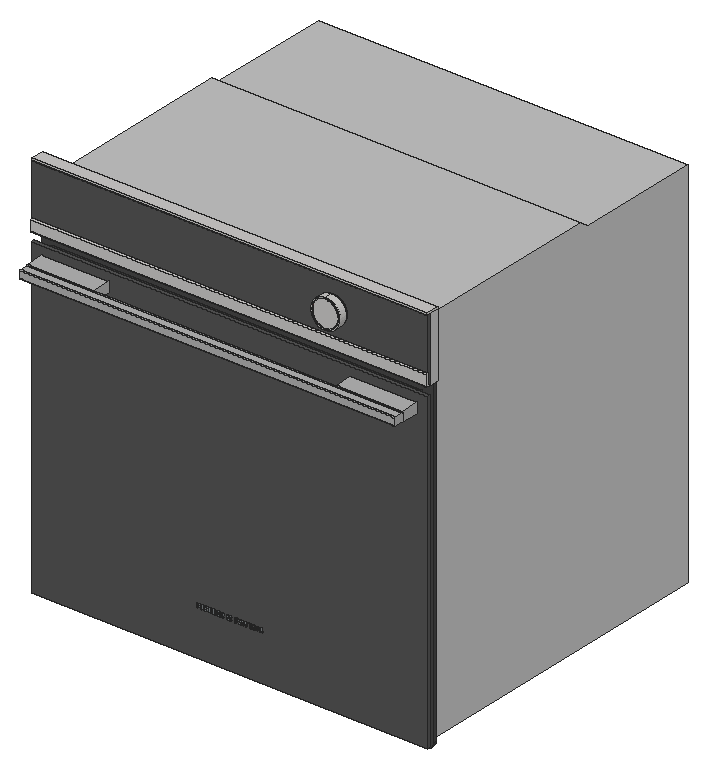
Revit family "FP-Revit18-OB60SDPTDX2-Oven-0-AU-CN-EU-IE-NZ-UK-90002669A", category Specialty Equipment, Revit 2018
Family settings
  Round Connector Dimension = Use Diameter
  Part Type = Normal
  OmniClass Number = 23.40.40.14.17.11
  OmniClass Title = Cookers, Ovens, Stoves
  Work Plane-Based = No
  Always vertical = Yes
  Cut with Voids When Loaded = Yes
  Shared = No
  Room Calculation Point = No
Parameters (values of type "OB60SDPTDX2")
  Visibility - Clearance Required = yes
  URL = "www.fisherpaykel.com"
  Product - Width = 596 mm  # constant formula
  Product - Height = 598 mm  # constant formula
  Product - Depth = 565 mm  # constant formula
  Model = "OB60SDPTDX2"
  Material - Trim = Fisher & Paykel - Stainless Steel
  Material - Structure = Fisher & Paykel - Black
  Material - Logo = Fisher & Paykel - Graphics Grey
  Material - Handle = Fisher & Paykel - Aluminium
  Material - Glass = Fisher & Paykel - Glass, Black
  Material - Buttons and Dials = Fisher & Paykel - Stainless Steel
  Material - Body = Fisher & Paykel - Grey
  Material - Bezel = Fisher & Paykel - Bezel Red
  Manufacturer = "Fisher & Paykel Appliances"
  FFL Offset [instance] = 200 mm
  Description = "60cm Built-In Oven"
  Connector Note - Electrical = "220-240 V, 12.8 - 13.8\r A, 50 Hz"
  Chassis - Width = 556 mm  # constant formula
  Chassis - Height = 575 mm  # constant formula
  Chassis - Depth = 545 mm  # constant formula
  Cavity - Width = 560 mm  # constant formula
  Cavity - Height = 580 mm  # constant formula
  Cavity - Depth = 550 mm  # constant formula
Reference planes
  plane 1 "Datum": y = 0
  plane 2: z = 0
  plane 3 "Center (Left/Right)": x = 0
  plane 4 "Cavity": z = 780
  plane 5 "Product Height": z = 798
  plane 6 "Product LHS": x = -298
  plane 7 "Product RHS": x = 298
  plane 8 "Cavity LHS": x = -300
  plane 9 "Cavity RHS": x = 300
  plane 10 "Cavity - Depth": y = 550
  plane 11 "Product Depth": y = 545
  plane 12 "Front Face": y = -20
  plane 13 "FFL Offset": z = 200
  plane 14 "Cavity Height": z = 800
Forms (mm)
  Extrusion 1, solid, material "Fisher & Paykel - Grey" <- "Material - Body"
    sketch origin (0, 0, 0) x (0, 1, 0) y (0, 0, 1)
      loop
        line (0, 200) -> (525, 200) -> (525, 393.99) -> (545, 413.99) -> (545, 609.73) -> (495, 659.73) -> (495, 764.6) -> (307.721, 764.6) -> (293.958, 775) -> (0, 775) -> (0, 200)
    from -278 to 278
  Extrusion 2, void
    sketch origin (0, 0, 0) x (1, 0, 0) y (0, 1, 0)
      loop
        line (-278, 495) -> (-229.13, 495) -> (-179.13, 545) -> (-278, 545) -> (-278, 495)
      loop
        line (278, 495) -> (278, 545) -> (94.617, 545) -> (114.617, 525) -> (199.13, 525) -> (229.13, 495) -> (278, 495)
    from 200 to 764.6
  Extrusion 3, solid, material "Fisher & Paykel - Stainless Steel" <- "Material - Trim"
    sketch origin (0, 0, 0) x (0, 1, 0) y (0, 0, 1)
      loop
        line (0, 798) -> (-20.5, 798) -> (-20.5, 795.1) -> (0, 795.1) -> (0, 798)
    from -297.7 to 297.7
  Extrusion 4, solid, material "Fisher & Paykel - Grey" <- "Material - Body"
    sketch origin (0, 0, 0) x (0, 1, 0) y (0, 0, 1)
      loop
        line (-16, 795.1) -> (-16, 698) -> (0, 698) -> (0, 795.1) -> (-16, 795.1)
    from -297.7 to 297.7
  Extrusion 5, solid, material "Fisher & Paykel - Glass, Black" <- "Material - Glass"
    sketch origin (0, 0, 0) x (1, 0, 0) y (0, 0, 1)
      loop
        line (-298, 685.199) -> (-298, 210.2) -> (298, 210.2) -> (298, 685.199) -> (-298, 685.199)
      loop
        line (-298, 699.5) -> (298, 699.5) -> (298, 794.5) -> (-298, 794.5) -> (-298, 699.5)
    from 16 to 20
  Extrusion 6, solid, material "Fisher & Paykel - Black" <- "Material - Structure"
    sketch origin (0, 0, 0) x (0, 1, 0) y (0, 0, 1)
      loop
        line (-13.8, 683.7) -> (-16, 683.7) -> (-16, 224.7) -> (-5, 224.7) -> (-5, 680.497) -> (-13.8, 683.7)
    from -277 to 277
  Extrusion 7, solid, material "Fisher & Paykel - Black" <- "Material - Structure"
    sketch origin (0, 0, 0) x (1, 0, 0) y (0, 0, 1)
      loop
        line (-295, 698) -> (-295, 209.536)
        arc (-295, 209.536) -> (-292.207, 202.793) -> (-285.464, 200) r 9.536
        line (-285.464, 200) -> (285.5, 200)
        arc (285.5, 200) -> (292.218, 202.782) -> (295, 209.5) r 9.5
        line (295, 209.5) -> (295, 698) -> (-295, 698)
    from 0 to 5
  Extrusion 8, solid, material "Fisher & Paykel - Clearance Required", visible <- "Visibility - Clearance Required", detail levels coarse
    sketch origin (0, 0, 0) x (0, 1, 0) y (0, 0, 1)
      loop
        line (0, 800) -> (-20, 800) -> (-20, 685.452)
        arc (-20, 685.452) -> (-338.426, 558.091) -> (-479.879, 245.669) r 459.33
        line (-479.879, 245.669) -> (-453.852, 243.749) -> (-456.942, 201.858) -> (-440.966, 200.68) -> (-437.876, 242.565) -> (-20, 211.735) -> (-20, 200) -> (0, 200) -> (0, 800)
    from -300 to 300
  Extrusion 9, solid, material "Fisher & Paykel - Clearance Required", visible <- "Visibility - Clearance Required", detail levels coarse
    sketch origin (0, 0, 0) x (1, 0, 0) y (0, 1, 0)
      loop
        line (-280, 0) -> (280, 0) -> (280, 550) -> (-280, 550) -> (-280, 0)
    from 200 to 780
  Extrusion 10, void
    sketch origin (0, 0, 0) x (1, 0, 0) y (0, 1, 0)
      loop
        line (-300, -20) -> (300, -20) -> (300, 0) -> (-300, 0) -> (-300, -20)
    from 200 to 800
  Extrusion 11, solid, material "Fisher & Paykel - Stainless Steel" <- "Material - Trim", detail levels fine
    sketch origin (0, 0, 0) x (0, 1, 0) y (0, 0, 1)
      loop
        line (-21.7, 715.595) -> (-21.7, 699.2)
        arc (-21.7, 699.2) -> (-21.349, 698.351) -> (-20.5, 698) r 1.2
        line (-20.5, 698) -> (-17.526, 698) -> (-17.526, 699.5) -> (-20, 699.5) -> (-20, 717.643) -> (-20.789, 717.643) -> (-21.7, 715.595)
    from -298 to 298
  Extrusion 12, void
    sketch origin (0, 0, 0) x (1, 0, 0) y (0, 1, 0)
      loop
        line (-280, 550) -> (-280, 0) -> (280, 0) -> (280, 550) -> (-280, 550)
    from 200 to 780
  Extrusion 13, solid, material "Fisher & Paykel - Aluminium" <- "Material - Handle", detail levels fine
    sketch origin (0, -21, 664.221) x (0, 1, 0) y (0, 0, 1)
      loop
        arc (-26.813, 6.16) -> (-27.196, 6.554) -> (-27.728, 6.686) r 1
        line (-27.728, 6.686) -> (-40.035, 6.256)
        arc (-40.035, 6.256) -> (-40.719, 5.951) -> (-41, 5.257) r 1
        line (-41, 5.257) -> (-41, -5.257)
        arc (-41, -5.257) -> (-40.719, -5.951) -> (-40.035, -6.256) r 1
        line (-40.035, -6.256) -> (-27.709, -6.686)
        arc (-27.709, -6.686) -> (-27.175, -6.554) -> (-26.792, -6.158) r 1
        arc (-26.792, -6.158) -> (-25.256, 0.004) -> (-26.813, 6.16) r 13.038
    from -282.5 to 282.5
  Extrusion 14, solid, material "Fisher & Paykel - Aluminium" <- "Material - Handle", detail levels fine
    sketch origin (0, -21, 664.221) x (0, 1, 0) y (0, 0, 1)
      loop
        arc (-26.626, -6.008) -> (-26.614, -6.49) -> (-26.2, -6.737) r 0.5
        line (-26.2, -6.737) -> (1, -7.732) -> (1, 7.741) -> (-26.174, 6.747)
        arc (-26.174, 6.747) -> (-26.587, 6.5) -> (-26.6, 6.019) r 0.5
        arc (-26.6, 6.019) -> (-25.156, 0.002) -> (-26.626, -6.008) r 13.136
    from 182.5 to 282.5
  Extrusion 15, solid, material "Fisher & Paykel - Aluminium" <- "Material - Handle", detail levels coarse+medium
    sketch origin (0, -21, 664.221) x (1, 0, 0) y (0, 1, 0)
      loop
        line (-282.5, -41) -> (282.5, -41) -> (282.5, 1) -> (182.5, 1) -> (182.5, -26.156) -> (-182.5, -26.156) -> (-182.5, 1) -> (-282.5, 1) -> (-282.5, -41)
    from -8.022 to 7.978
  Extrusion 16, solid, material "Fisher & Paykel - Aluminium" <- "Material - Handle", detail levels fine
    sketch origin (0, -21, 664.221) x (0, 1, 0) y (0, 0, 1)
      loop
        arc (-26.626, -6.008) -> (-26.614, -6.49) -> (-26.2, -6.737) r 0.5
        line (-26.2, -6.737) -> (1, -7.732) -> (1, 7.741) -> (-26.174, 6.747)
        arc (-26.174, 6.747) -> (-26.587, 6.5) -> (-26.6, 6.019) r 0.5
        arc (-26.6, 6.019) -> (-25.156, 0.002) -> (-26.626, -6.008) r 13.136
    from -282.5 to -182.5
  Extrusion 17, solid, material "Fisher & Paykel - Aluminium" <- "Material - Handle", not visible, detail levels fine
    sketch origin (0, -22, 652) x (0, 1, 0) y (0, 0, 1)
      loop
        arc (-26.813, 6.16) -> (-27.196, 6.554) -> (-27.728, 6.686) r 1
        line (-27.728, 6.686) -> (-40.035, 6.256)
        arc (-40.035, 6.256) -> (-40.719, 5.951) -> (-41, 5.257) r 1
        line (-41, 5.257) -> (-41, -5.257)
        arc (-41, -5.257) -> (-40.719, -5.951) -> (-40.035, -6.256) r 1
        line (-40.035, -6.256) -> (-27.709, -6.686)
        arc (-27.709, -6.686) -> (-27.175, -6.554) -> (-26.792, -6.158) r 1
        arc (-26.792, -6.158) -> (-25.256, 0.004) -> (-26.813, 6.16) r 13.038
    from -282.5 to 282.5
  Extrusion 18, solid, material "Fisher & Paykel - Aluminium" <- "Material - Handle", not visible, detail levels fine
    sketch origin (0, -22, 652) x (0, 1, 0) y (0, 0, 1)
      loop
        arc (-26.626, -6.008) -> (-26.614, -6.49) -> (-26.2, -6.737) r 0.5
        line (-26.2, -6.737) -> (1, -7.732) -> (1, 7.741) -> (-26.174, 6.747)
        arc (-26.174, 6.747) -> (-26.587, 6.5) -> (-26.6, 6.019) r 0.5
        arc (-26.6, 6.019) -> (-25.156, 0.002) -> (-26.626, -6.008) r 13.136
    from 182.5 to 282.5
  Extrusion 19, solid, material "Fisher & Paykel - Aluminium" <- "Material - Handle", not visible, detail levels coarse+medium
    sketch origin (0, -22, 652) x (1, 0, 0) y (0, 1, 0)
      loop
        line (-282.5, -41) -> (282.5, -41) -> (282.5, 1) -> (182.5, 1) -> (182.5, -26.156) -> (-182.5, -26.156) -> (-182.5, 1) -> (-282.5, 1) -> (-282.5, -41)
    from -8.022 to 7.978
  Extrusion 20, solid, material "Fisher & Paykel - Aluminium" <- "Material - Handle", not visible, detail levels fine
    sketch origin (0, -22, 652) x (0, 1, 0) y (0, 0, 1)
      loop
        arc (-26.626, -6.008) -> (-26.614, -6.49) -> (-26.2, -6.737) r 0.5
        line (-26.2, -6.737) -> (1, -7.732) -> (1, 7.741) -> (-26.174, 6.747)
        arc (-26.174, 6.747) -> (-26.587, 6.5) -> (-26.6, 6.019) r 0.5
        arc (-26.6, 6.019) -> (-25.156, 0.002) -> (-26.626, -6.008) r 13.136
    from -282.5 to -182.5
  Extrusion 21, solid, material "Fisher & Paykel - Graphics Grey" <- "Material - Logo", detail levels fine
    sketch origin (0, -20, 278.956) x (1, 0, 0) y (0, 0, 1)
      loop
        line (-49.544, 0) -> (-47.97, 0) -> (-47.97, 2.138) -> (-45.511, 2.138) -> (-45.511, 3.472) -> (-47.97, 3.472) -> (-47.97, 4.712) -> (-45.295, 4.712) -> (-45.295, 6.04) -> (-49.544, 6.04) -> (-49.544, 0)
      loop
        line (-42.304, 6.04) -> (-42.304, 0) -> (-40.73, 0) -> (-40.73, 6.04) -> (-42.304, 6.04)
      loop
        line (-30.224, 6.04) -> (-30.224, 0) -> (-28.651, 0) -> (-28.651, 2.42) -> (-26.339, 2.42) -> (-26.339, 0) -> (-24.765, 0) -> (-24.765, 6.04) -> (-26.339, 6.04) -> (-26.339, 3.748) -> (-28.651, 3.748) -> (-28.651, 6.04) -> (-30.224, 6.04)
      loop
        line (-21.406, 6.04) -> (-21.406, 0) -> (-17.102, 0) -> (-17.102, 1.328) -> (-19.847, 1.328) -> (-19.847, 2.42) -> (-17.338, 2.42) -> (-17.338, 3.748) -> (-19.847, 3.748) -> (-19.847, 4.712) -> (-17.102, 4.712) -> (-17.102, 6.04) -> (-21.406, 6.04)
      loop
        line (46.167, 6.04) -> (46.167, 0) -> (50.456, 0) -> (50.456, 1.328) -> (47.741, 1.328) -> (47.741, 6.04) -> (46.167, 6.04)
      loop
        line (42.931, 6.04) -> (38.612, 6.04) -> (38.612, 0) -> (42.931, 0) -> (42.931, 1.328) -> (40.187, 1.328) -> (40.187, 2.42) -> (42.695, 2.42) -> (42.695, 3.748) -> (40.187, 3.748) -> (40.187, 4.712) -> (42.931, 4.712) -> (42.931, 6.04)
      loop
        line (33.951, 3.148) -> (36.183, 6.04) -> (34.344, 6.04) -> (32.415, 3.542) -> (32.415, 6.04) -> (30.842, 6.04) -> (30.842, 0) -> (32.415, 0) -> (32.415, 2.705) -> (34.403, 0) -> (36.263, 0) -> (33.951, 3.148)
      loop
        line (22.48, 6.04) -> (24.762, 2.42) -> (24.762, 0) -> (26.337, 0) -> (26.337, 2.341) -> (28.619, 6.04) -> (26.946, 6.04) -> (25.599, 3.707) -> (24.253, 6.04) -> (22.48, 6.04)
      loop
        line (18.979, 6.04) -> (17.483, 6.04) -> (15.024, 0) -> (16.569, 0) -> (17.001, 1.112) -> (19.421, 1.112) -> (19.854, 0) -> (21.438, 0) -> (18.979, 6.04)
      loop
        line (18.9, 2.439) -> (18.193, 4.174) -> (17.518, 2.439) -> (18.9, 2.439)
      loop
        line (8.531, 6.04) -> (8.531, 0) -> (10.105, 0) -> (10.105, 1.938) -> (11.099, 1.938)
        arc (11.099, 1.938) -> (13.15, 3.989) -> (11.099, 6.04) r 2.051
        line (11.099, 6.04) -> (8.531, 6.04)
      loop
        line (10.105, 4.712) -> (10.105, 3.197) -> (11.001, 3.197)
        arc (11.001, 3.197) -> (11.759, 3.954) -> (11.001, 4.712) r 0.757
        line (11.001, 4.712) -> (10.105, 4.712)
      loop
        line (-11.283, 6.04) -> (-13.866, 6.04) -> (-13.866, 0) -> (-12.292, 0) -> (-12.292, 1.336) -> (-11.492, 1.336) -> (-10.472, 0) -> (-8.653, 0) -> (-10.194, 1.973)
        arc (-10.194, 1.973) -> (-9.178, 4.424) -> (-11.283, 6.04) r 2.179
      loop
        line (-11.397, 4.712) -> (-12.292, 4.712) -> (-12.292, 3.053) -> (-11.397, 3.053)
        arc (-11.397, 3.053) -> (-10.568, 3.882) -> (-11.397, 4.712) r 0.83
      loop
        line (0.977, 4.712) -> (0.977, 6.153) -> (-3.075, 6.153) -> (-3.075, 4.851) -> (-2.474, 4.112)
        arc (-2.474, 4.112) -> (-3.01, 0.684) -> (0.455, 0.512) r 2.334
        line (0.455, 0.512) -> (0.96, -0.109) -> (2.746, -0.109) -> (1.36, 1.594) -> (2.561, 3.324) -> (0.943, 3.324) -> (0.487, 2.667) -> (-1.177, 4.712) -> (0.977, 4.712)
      loop
        arc (-1.625, 3.068) -> (-1.769, 1.668) -> (-0.368, 1.524) r 0.996
        line (-0.368, 1.524) -> (-1.625, 3.068)
      loop
        line (-34.68, 3.634) -> (-36.016, 3.91)
        arc (-36.016, 3.91) -> (-36.549, 4.443) -> (-36.016, 4.976) r 0.533
        arc (-36.016, 4.976) -> (-34.735, 4.79) -> (-33.559, 4.248) r 4.505
        line (-33.559, 4.248) -> (-33.559, 5.743)
        arc (-33.559, 5.743) -> (-35.049, 6.179) -> (-36.6, 6.109) r 4.726
        arc (-36.6, 6.109) -> (-38.036, 4.335) -> (-36.6, 2.561) r 1.814
        line (-36.6, 2.561) -> (-35.254, 2.282)
        arc (-35.254, 2.282) -> (-34.721, 1.749) -> (-35.254, 1.216) r 0.533
        arc (-35.254, 1.216) -> (-36.535, 1.402) -> (-37.711, 1.945) r 4.505
        line (-37.711, 1.945) -> (-37.711, 0.449)
        arc (-37.711, 0.449) -> (-36.22, 0.013) -> (-34.669, 0.083) r 4.726
        arc (-34.669, 0.083) -> (-33.234, 1.863) -> (-34.68, 3.634) r 1.814
    from 0 to 0.8
  Revolve 22, solid, material "Fisher & Paykel - Stainless Steel" <- "Material - Buttons and Dials", detail levels fine
    sketch origin (154.861, -20, 752.537) x (0, 1, 0) y (0, 0, 1)
      loop
        line (0, 22) -> (-0.843, 22) -> (-0.843, 16.038) -> (-2.39, 16.038) -> (-2.39, 22) -> (-13.7, 22) -> (-13.7, 21.2) -> (-13.191, 20) -> (-8.9, 20) -> (-8.9, 0) -> (0, 0) -> (0, 22)
      axis (0, 0) -> (-13.7, 0)
    angle from 0 to 360
  Extrusion 23, solid, material "Fisher & Paykel - Stainless Steel" <- "Material - Buttons and Dials", detail levels fine
    sketch origin (154.861, -20, 752.537) x (1, 0, 0) y (0, 0, 1)
      loop
        circle (0, 0) r 19.45
    from 8.9 to 13.191
  Extrusion 24, solid, material "Fisher & Paykel - Stainless Steel" <- "Material - Buttons and Dials", detail levels coarse+medium
    sketch origin (154.861, -20, 752.537) x (1, 0, 0) y (0, 0, 1)
      loop
        circle (0, 0) r 22
    from 0 to 13.7
  Extrusion 25, solid, material "Fisher & Paykel - Bezel Red" <- "Material - Bezel", detail levels fine
    sketch origin (154.861, -20, 752.537) x (1, 0, 0) y (0, 0, 1)
      loop
        circle (0, 0) r 19.45
      loop
        circle (0, 0) r 20
    from 2.39 to 13.191
  Sweep 26, solid, material "Fisher & Paykel - Grey" <- "Material - Body"
    path origin (-195.035, 0, 0) x (0, 1, 0) y (0, 0, 1)
      loop
        line (478.272, 708.8) -> (498.6, 708.8)
        arc (498.6, 708.8) -> (507.085, 705.285) -> (510.6, 696.8) r 12
        line (510.6, 696.8) -> (510.6, 678.8)
    profile origin (-195.035, 488.436, 708.8) x (0, 0, 1) y (1, 0, 0)
      loop
        circle (0, 0) r 11
Cuts and joins
  Extrusion 2 cuts Extrusion 1
Lines and regions (mm)
  model lines, style "Fisher & Paykel"
    curve 1: line (217, -20, 334) -> (-217, -20, 334)
    curve 2: line (217, -20, 617.236) -> (217, -20, 334)
    curve 3: line (-217, -20, 617.236) -> (217, -20, 617.236)
    curve 4: line (-217, -20, 334) -> (-217, -20, 617.236)
Text (mm)
  text "Due to ongoing product development, product details are subject to change without notice. \nPlease always refer to www.fisherpaykel.com for the most current product information. \n© Fisher & Paykel 2020" at (40.64, -604.808, 0), in view "Ref. Level (Plan)"
Dimensions and locks
  equal spacing: plane 6 "Product LHS", plane 3 "Center (Left/Right)", plane 7 "Product RHS"
  "Product - Width": plane 6 "Product LHS" to plane 7 "Product RHS"
  equal spacing: plane 8 "Cavity LHS", plane 3 "Center (Left/Right)", plane 9 "Cavity RHS"
  "Cavity - Depth": plane 10 "Cavity - Depth" to plane 1 "Datum"
  "Chassis - Depth": plane 11 "Product Depth" to plane 1 "Datum"
  plane 12 "Front Face" to plane 1 "Datum" = 20 mm
  "Product - Depth": plane 11 "Product Depth" to plane 12 "Front Face"
  "FFL Offset": plane 13 "FFL Offset" to level
  "Product - Height": plane 5 "Product Height" to plane 13 "FFL Offset"
  "Cavity - Height": plane 4 "Cavity" to plane 13 "FFL Offset"
  Extrusion 5 to plane 13 "FFL Offset" = 10.2 mm
  Extrusion 6 to plane 13 "FFL Offset" = 24.7 mm
  locked: plane 5 "Product Height" to cut or joined group of Extrusion 1, Extrusion 2 at 33.4
  locked: plane 14 "Cavity Height" to plane 13 "FFL Offset" at 600
  locked: Extrusion 21 to plane 13 "FFL Offset" at 78.847
  equal spacing: Extrusion 9, plane 3 "Center (Left/Right)", Extrusion 9
  "Cavity - Width": Extrusion 9 to Extrusion 9
  locked: Extrusion 15 to plane 13 "FFL Offset" at 472.199
  locked: Extrusion 8 sketch curve to plane 13 "FFL Offset" at 11.735
  equal spacing: cut or joined group of Extrusion 1, Extrusion 2, plane 3 "Center (Left/Right)", cut or joined group of Extrusion 1, Extrusion 2
  "Chassis - Width": cut or joined group of Extrusion 1, Extrusion 2 to cut or joined group of Extrusion 1, Extrusion 2
  aligned and locked: level to plane 2
  aligned and locked: plane 8 "Cavity LHS" to Extrusion 8
  aligned and locked: Extrusion 8 to plane 9 "Cavity RHS"
  aligned and locked: Extrusion 1 sketch curve to plane 13 "FFL Offset"
  aligned and locked: Extrusion 1 to Extrusion 2
  aligned and locked: Extrusion 2 to Extrusion 1
  aligned and locked: plane 13 "FFL Offset" to Extrusion 8 sketch curve
  aligned and locked: plane 13 "FFL Offset" to Extrusion 7 sketch curve
  aligned and locked: Extrusion 12 to cut or joined group of Extrusion 1, Extrusion 2
  aligned and locked: plane 4 "Cavity" to Extrusion 12
  aligned and locked: plane 4 "Cavity" to Extrusion 9
  aligned and locked: Extrusion 9 to cut or joined group of Extrusion 1, Extrusion 2
  aligned and locked: Extrusion 10 to cut or joined group of Extrusion 1, Extrusion 2
  aligned and locked: Extrusion 10 to Extrusion 7
  aligned and locked: Extrusion 10 to Extrusion 8
  aligned and locked: plane 14 "Cavity Height" to Extrusion 10
  aligned and locked: Extrusion 12 to Extrusion 9  (x2)
Automatic sketch dimensions
  Extrusion 13 sketch curve to Extrusion 13 sketch curve = 0.965 mm  (x2)
  Extrusion 13 sketch curve to Extrusion 13 sketch curve = 0.035 mm  (x4)
  Extrusion 13 sketch curve to Extrusion 13 sketch curve = 1.706 mm
  Extrusion 13 sketch curve to Extrusion 13 sketch curve = 12.307 mm
  Extrusion 13 sketch curve to Extrusion 13 sketch curve = 12.326 mm
  Extrusion 13 sketch curve to Extrusion 13 sketch curve = 0.999 mm  (x2)
  Extrusion 13 sketch curve to Extrusion 13 sketch curve = 5.238 mm
  Extrusion 13 sketch curve to Extrusion 13 sketch curve = 0 mm
  Extrusion 14 sketch curve to Extrusion 14 sketch curve = 12.091 mm
  Extrusion 14 sketch curve to Extrusion 14 sketch curve = 0.018 mm  (x2)
  Extrusion 14 sketch curve to Extrusion 14 sketch curve = 0.008 mm
  Extrusion 14 sketch curve to Extrusion 14 sketch curve = 27.174 mm
  Extrusion 14 sketch curve to Extrusion 14 sketch curve = 15.473 mm
  Extrusion 14 sketch curve to Extrusion 14 sketch curve = 0.5 mm  (x2)
  Extrusion 14 sketch curve to Extrusion 14 sketch curve = 0 mm
  Extrusion 15 sketch curve to Extrusion 15 sketch curve = 14.844 mm
  Extrusion 15 sketch curve to Extrusion 15 sketch curve = 27.156 mm  (x2)
  Extrusion 16 sketch curve to Extrusion 16 sketch curve = 12.091 mm
  Extrusion 16 sketch curve to Extrusion 16 sketch curve = 0.018 mm  (x2)
  Extrusion 16 sketch curve to Extrusion 16 sketch curve = 0.008 mm
  Extrusion 16 sketch curve to Extrusion 16 sketch curve = 27.174 mm
  Extrusion 16 sketch curve to Extrusion 16 sketch curve = 15.473 mm
  Extrusion 16 sketch curve to Extrusion 16 sketch curve = 0.5 mm  (x2)
  Extrusion 16 sketch curve to Extrusion 16 sketch curve = 0 mm
  Extrusion 13 sketch curve to Extrusion 13 sketch curve = 0.43 mm
  Extrusion 13 sketch curve to Extrusion 13 sketch curve = 5.275 mm
  Extrusion 13 sketch curve to Extrusion 13 sketch curve = 11.374 mm
  Extrusion 14 sketch curve to Extrusion 14 sketch curve = 0.995 mm
  Extrusion 14 sketch curve to Extrusion 14 sketch curve = 6.268 mm
  Extrusion 14 sketch curve to Extrusion 14 sketch curve = 12.255 mm
  Extrusion 15 sketch curve to Extrusion 15 sketch curve = 100 mm  (x2)
  Extrusion 15 sketch curve to Extrusion 15 sketch curve = 365 mm
  Extrusion 16 sketch curve to Extrusion 16 sketch curve = 0.995 mm
  Extrusion 16 sketch curve to Extrusion 16 sketch curve = 6.268 mm
  Extrusion 16 sketch curve to Extrusion 16 sketch curve = 12.255 mm
  Extrusion 17 sketch curve to Extrusion 17 sketch curve = 0.965 mm  (x2)
  Extrusion 17 sketch curve to Extrusion 17 sketch curve = 0.035 mm  (x4)
  Extrusion 17 sketch curve to Extrusion 17 sketch curve = 1.706 mm
  Extrusion 17 sketch curve to Extrusion 17 sketch curve = 12.307 mm
  Extrusion 17 sketch curve to Extrusion 17 sketch curve = 12.326 mm
  Extrusion 17 sketch curve to Extrusion 17 sketch curve = 0.999 mm  (x2)
  Extrusion 17 sketch curve to Extrusion 17 sketch curve = 5.238 mm
  Extrusion 17 sketch curve to Extrusion 17 sketch curve = 0 mm
  Extrusion 18 sketch curve to Extrusion 18 sketch curve = 12.091 mm
  Extrusion 18 sketch curve to Extrusion 18 sketch curve = 0.018 mm  (x2)
  Extrusion 18 sketch curve to Extrusion 18 sketch curve = 0.008 mm
  Extrusion 18 sketch curve to Extrusion 18 sketch curve = 27.174 mm
  Extrusion 18 sketch curve to Extrusion 18 sketch curve = 15.473 mm
  Extrusion 18 sketch curve to Extrusion 18 sketch curve = 0.5 mm  (x2)
  Extrusion 18 sketch curve to Extrusion 18 sketch curve = 0 mm
  Extrusion 19 sketch curve to Extrusion 19 sketch curve = 14.844 mm
  Extrusion 19 sketch curve to Extrusion 19 sketch curve = 27.156 mm  (x2)
  Extrusion 20 sketch curve to Extrusion 20 sketch curve = 12.091 mm
  Extrusion 20 sketch curve to Extrusion 20 sketch curve = 0.018 mm  (x2)
  Extrusion 20 sketch curve to Extrusion 20 sketch curve = 0.008 mm
  Extrusion 20 sketch curve to Extrusion 20 sketch curve = 27.174 mm
  Extrusion 20 sketch curve to Extrusion 20 sketch curve = 15.473 mm
  Extrusion 20 sketch curve to Extrusion 20 sketch curve = 0.5 mm  (x2)
  Extrusion 20 sketch curve to Extrusion 20 sketch curve = 0 mm
  Extrusion 17 sketch curve to Extrusion 17 sketch curve = 0.43 mm
  Extrusion 17 sketch curve to Extrusion 17 sketch curve = 5.275 mm
  Extrusion 17 sketch curve to Extrusion 17 sketch curve = 11.374 mm
  Extrusion 18 sketch curve to Extrusion 18 sketch curve = 0.995 mm
  Extrusion 18 sketch curve to Extrusion 18 sketch curve = 6.268 mm
  Extrusion 18 sketch curve to Extrusion 18 sketch curve = 12.255 mm
  Extrusion 19 sketch curve to Extrusion 19 sketch curve = 100 mm  (x2)
  Extrusion 19 sketch curve to Extrusion 19 sketch curve = 365 mm
  Extrusion 20 sketch curve to Extrusion 20 sketch curve = 0.995 mm
  Extrusion 20 sketch curve to Extrusion 20 sketch curve = 6.268 mm
  Extrusion 20 sketch curve to Extrusion 20 sketch curve = 12.255 mm
  Extrusion 1 sketch curve to plane 1 "Datum" = 0 mm
  Extrusion 1 sketch curve to plane 11 "Product Depth" = 0 mm
  Extrusion 1 sketch curve to plane 4 "Cavity" = 5 mm
  Extrusion 1 sketch curve to plane 11 "Product Depth" = 251.042 mm
  Extrusion 1 sketch curve to Extrusion 1 sketch curve = 13.762 mm
  Extrusion 1 sketch curve to plane 4 "Cavity" = 15.4 mm
  Extrusion 1 sketch curve to plane 11 "Product Depth" = 50 mm
  Extrusion 1 sketch curve to plane 11 "Product Depth" = 20 mm
  Extrusion 1 sketch curve to Extrusion 1 sketch curve = 193.99 mm
  Extrusion 1 sketch curve to Extrusion 1 sketch curve = 20 mm
  Extrusion 1 sketch curve to Extrusion 1 sketch curve = 154.87 mm
  Extrusion 1 sketch curve to Extrusion 1 sketch curve = 50 mm
  Extrusion 2 sketch curve to plane 11 "Product Depth" = 0 mm  (x2)
  Extrusion 2 sketch curve to plane 6 "Product LHS" = 20 mm
  Extrusion 2 sketch curve to Extrusion 2 sketch curve = 48.87 mm
  Extrusion 2 sketch curve to Extrusion 2 sketch curve = 50 mm  (x3)
  plane 3 "Center (Left/Right)" to Extrusion 2 sketch curve = 94.617 mm
  Extrusion 2 sketch curve to Extrusion 2 sketch curve = 20 mm
  Extrusion 2 sketch curve to plane 11 "Product Depth" = 20 mm
  Extrusion 2 sketch curve to Extrusion 2 sketch curve = 84.513 mm
  Extrusion 2 sketch curve to Extrusion 2 sketch curve = 30 mm
  plane 7 "Product RHS" to Extrusion 2 sketch curve = 20 mm
  Extrusion 3 sketch curve to plane 1 "Datum" = 0 mm
  Extrusion 3 sketch curve to plane 12 "Front Face" = 0.5 mm
  Extrusion 3 sketch curve to plane 5 "Product Height" = 2.9 mm
  plane 5 "Product Height" to Extrusion 3 sketch curve = 0 mm
  Extrusion 4 sketch curve to plane 1 "Datum" = 0 mm
  plane 12 "Front Face" to Extrusion 4 sketch curve = 4 mm
  Extrusion 4 sketch curve to plane 4 "Cavity" = 82 mm
  Extrusion 4 sketch curve to plane 5 "Product Height" = 2.9 mm
  plane 6 "Product LHS" to Extrusion 5 sketch curve = 0 mm  (x2)
  plane 7 "Product RHS" to Extrusion 5 sketch curve = 0 mm  (x2)
  plane 13 "FFL Offset" to Extrusion 5 sketch curve = 10.2 mm
  Extrusion 5 sketch curve to plane 4 "Cavity" = 94.801 mm
  Extrusion 5 sketch curve to Extrusion 5 sketch curve = 14.301 mm
  Extrusion 5 sketch curve to plane 5 "Product Height" = 3.5 mm
  plane 12 "Front Face" to Extrusion 6 sketch curve = 4 mm
  Extrusion 6 sketch curve to Extrusion 6 sketch curve = 2.2 mm
  plane 1 "Datum" to Extrusion 6 sketch curve = 5 mm
  plane 13 "FFL Offset" to Extrusion 6 sketch curve = 24.7 mm
  Extrusion 6 sketch curve to plane 4 "Cavity" = 99.503 mm
  Extrusion 6 sketch curve to Extrusion 6 sketch curve = 3.203 mm
  Extrusion 7 sketch curve to plane 6 "Product LHS" = 3 mm
  Extrusion 7 sketch curve to Extrusion 7 sketch curve = 9.536 mm
  plane 7 "Product RHS" to Extrusion 7 sketch curve = 12.5 mm
  plane 7 "Product RHS" to Extrusion 7 sketch curve = 3 mm
  Extrusion 7 sketch curve to plane 4 "Cavity" = 82 mm
  Extrusion 9 sketch curve to plane 10 "Cavity - Depth" = 0 mm
  plane 1 "Datum" to Extrusion 9 sketch curve = 0 mm
  Extrusion 9 sketch curve to plane 6 "Product LHS" = 18 mm
  plane 7 "Product RHS" to Extrusion 9 sketch curve = 18 mm
  plane 1 "Datum" to Extrusion 10 sketch curve = 0 mm
  Extrusion 10 sketch curve to plane 8 "Cavity LHS" = 0 mm
  Extrusion 10 sketch curve to plane 9 "Cavity RHS" = 0 mm
  Extrusion 10 sketch curve to plane 12 "Front Face" = 0 mm
  Extrusion 11 sketch curve to plane 12 "Front Face" = 0 mm
  Extrusion 11 sketch curve to plane 12 "Front Face" = 0.5 mm
  Extrusion 11 sketch curve to Extrusion 11 sketch curve = 0.789 mm
  Extrusion 11 sketch curve to plane 12 "Front Face" = 1.7 mm
  plane 12 "Front Face" to Extrusion 11 sketch curve = 2.474 mm
  Extrusion 11 sketch curve to plane 4 "Cavity" = 82 mm
  Extrusion 11 sketch curve to Extrusion 11 sketch curve = 1.5 mm
  Extrusion 11 sketch curve to Extrusion 11 sketch curve = 16.095 mm
  Extrusion 11 sketch curve to Extrusion 11 sketch curve = 2.048 mm
  plane 1 "Datum" to Extrusion 12 sketch curve = 0 mm
  Extrusion 12 sketch curve to plane 10 "Cavity - Depth" = 0 mm
  Extrusion 12 sketch curve to plane 6 "Product LHS" = 18 mm
  plane 7 "Product RHS" to Extrusion 12 sketch curve = 18 mm
  Extrusion 21 sketch curve to plane 3 "Center (Left/Right)" = 49.544 mm
  Extrusion 21 sketch curve to Extrusion 21 sketch curve = 1.574 mm  (x12)
  Extrusion 21 sketch curve to Extrusion 21 sketch curve = 2.459 mm
  Extrusion 21 sketch curve to Extrusion 21 sketch curve = 0.216 mm
  Extrusion 21 sketch curve to Extrusion 21 sketch curve = 3.207 mm
  Extrusion 21 sketch curve to Extrusion 21 sketch curve = 3.02 mm
  Extrusion 21 sketch curve to Extrusion 21 sketch curve = 1.11 mm
  Extrusion 21 sketch curve to Extrusion 21 sketch curve = 0.379 mm
  Extrusion 21 sketch curve to Extrusion 21 sketch curve = 0.206 mm  (x2)
  Extrusion 21 sketch curve to Extrusion 21 sketch curve = 0.36 mm  (x2)
  Extrusion 21 sketch curve to Extrusion 21 sketch curve = 0.402 mm
  Extrusion 21 sketch curve to Extrusion 21 sketch curve = 0 mm  (x21)
  Extrusion 21 sketch curve to Extrusion 21 sketch curve = 1.335 mm  (x2)
  Extrusion 21 sketch curve to Extrusion 21 sketch curve = 1.121 mm
  Extrusion 21 sketch curve to Extrusion 21 sketch curve = 3.335 mm
  Extrusion 21 sketch curve to Extrusion 21 sketch curve = 2.312 mm  (x2)
  Extrusion 21 sketch curve to Extrusion 21 sketch curve = 3.359 mm
  Extrusion 21 sketch curve to Extrusion 21 sketch curve = 1.559 mm
  Extrusion 21 sketch curve to Extrusion 21 sketch curve = 2.508 mm  (x2)
  Extrusion 21 sketch curve to Extrusion 21 sketch curve = 0.236 mm  (x4)
  Extrusion 21 sketch curve to Extrusion 21 sketch curve = 3.236 mm  (x2)
  Extrusion 21 sketch curve to Extrusion 21 sketch curve = 0.8 mm
  Extrusion 21 sketch curve to Extrusion 21 sketch curve = 0.895 mm
  Extrusion 21 sketch curve to Extrusion 21 sketch curve = 0.114 mm
  Extrusion 21 sketch curve to Extrusion 21 sketch curve = 1.02 mm
  Extrusion 21 sketch curve to Extrusion 21 sketch curve = 1.298 mm
  Extrusion 21 sketch curve to Extrusion 21 sketch curve = 1.82 mm
  Extrusion 21 sketch curve to plane 3 "Center (Left/Right)" = 3.075 mm
  Extrusion 21 sketch curve to Extrusion 21 sketch curve = 0.602 mm
  Extrusion 21 sketch curve to Extrusion 21 sketch curve = 0.849 mm
  Extrusion 21 sketch curve to Extrusion 21 sketch curve = 0.425 mm
  Extrusion 21 sketch curve to plane 3 "Center (Left/Right)" = 1.177 mm
  Extrusion 21 sketch curve to Extrusion 21 sketch curve = 0.203 mm
  Extrusion 21 sketch curve to plane 3 "Center (Left/Right)" = 0.368 mm
  plane 3 "Center (Left/Right)" to Extrusion 21 sketch curve = 0.455 mm
  plane 3 "Center (Left/Right)" to Extrusion 21 sketch curve = 0.487 mm
  Extrusion 21 sketch curve to Extrusion 21 sketch curve = 0.456 mm
  Extrusion 21 sketch curve to Extrusion 21 sketch curve = 0.505 mm
  plane 3 "Center (Left/Right)" to Extrusion 21 sketch curve = 0.977 mm
  plane 3 "Center (Left/Right)" to Extrusion 21 sketch curve = 1.36 mm
  Extrusion 21 sketch curve to Extrusion 21 sketch curve = 1.618 mm
  Extrusion 21 sketch curve to Extrusion 21 sketch curve = 1.785 mm
  Extrusion 21 sketch curve to Extrusion 21 sketch curve = 5.971 mm
  Extrusion 21 sketch curve to Extrusion 21 sketch curve = 0.896 mm
  Extrusion 21 sketch curve to Extrusion 21 sketch curve = 0.994 mm
  Extrusion 21 sketch curve to Extrusion 21 sketch curve = 3.925 mm
  Extrusion 21 sketch curve to Extrusion 21 sketch curve = 1.545 mm
  Extrusion 21 sketch curve to Extrusion 21 sketch curve = 0.433 mm  (x2)
  Extrusion 21 sketch curve to Extrusion 21 sketch curve = 0.482 mm
  Extrusion 21 sketch curve to Extrusion 21 sketch curve = 0.517 mm
  Extrusion 21 sketch curve to Extrusion 21 sketch curve = 0.675 mm
  Extrusion 21 sketch curve to Extrusion 21 sketch curve = 1.381 mm
  Extrusion 21 sketch curve to Extrusion 21 sketch curve = 1.495 mm
  Extrusion 21 sketch curve to Extrusion 21 sketch curve = 0.522 mm
  Extrusion 21 sketch curve to Extrusion 21 sketch curve = 1.584 mm
  Extrusion 21 sketch curve to Extrusion 21 sketch curve = 3.502 mm
  Extrusion 21 sketch curve to Extrusion 21 sketch curve = 1.772 mm
  Extrusion 21 sketch curve to Extrusion 21 sketch curve = 0.51 mm
  Extrusion 21 sketch curve to Extrusion 21 sketch curve = 0.837 mm
  Extrusion 21 sketch curve to Extrusion 21 sketch curve = 0.737 mm
  Extrusion 21 sketch curve to Extrusion 21 sketch curve = 2.694 mm
  Extrusion 21 sketch curve to Extrusion 21 sketch curve = 1.673 mm
  Extrusion 21 sketch curve to Extrusion 21 sketch curve = 2.223 mm
  Extrusion 21 sketch curve to Extrusion 21 sketch curve = 1.535 mm
  Extrusion 21 sketch curve to Extrusion 21 sketch curve = 1.928 mm
  Extrusion 21 sketch curve to Extrusion 21 sketch curve = 1.987 mm
  Extrusion 21 sketch curve to Extrusion 21 sketch curve = 1.839 mm
  Extrusion 21 sketch curve to Extrusion 21 sketch curve = 1.86 mm
  Extrusion 21 sketch curve to Extrusion 21 sketch curve = 2.429 mm
  Extrusion 21 sketch curve to Extrusion 21 sketch curve = 2.715 mm
  plane 13 "FFL Offset" to Extrusion 21 sketch curve = 78.847 mm
  Extrusion 21 sketch curve to Extrusion 21 sketch curve = 0.109 mm  (x5)
  Extrusion 21 sketch curve to Extrusion 21 sketch curve = 0.449 mm
  Extrusion 21 sketch curve to Extrusion 21 sketch curve = 0.023 mm
  Extrusion 21 sketch curve to Extrusion 21 sketch curve = 0.621 mm
  Extrusion 21 sketch curve to Extrusion 21 sketch curve = 1.112 mm
  Extrusion 21 sketch curve to Extrusion 21 sketch curve = 1.328 mm  (x10)
  Extrusion 21 sketch curve to Extrusion 21 sketch curve = 1.336 mm
  Extrusion 21 sketch curve to Extrusion 21 sketch curve = 1.015 mm
  Extrusion 21 sketch curve to Extrusion 21 sketch curve = 1.012 mm
  Extrusion 21 sketch curve to Extrusion 21 sketch curve = 1.082 mm
  Extrusion 21 sketch curve to Extrusion 21 sketch curve = 0.262 mm  (x2)
  Extrusion 21 sketch curve to Extrusion 21 sketch curve = 1.938 mm
  Extrusion 21 sketch curve to Extrusion 21 sketch curve = 1.496 mm  (x2)
  Extrusion 21 sketch curve to Extrusion 21 sketch curve = 0.637 mm
  Extrusion 21 sketch curve to Extrusion 21 sketch curve = 2.138 mm
  Extrusion 21 sketch curve to Extrusion 21 sketch curve = 0.632 mm
  Extrusion 21 sketch curve to Extrusion 21 sketch curve = 0.424 mm  (x2)
  Extrusion 21 sketch curve to Extrusion 21 sketch curve = 0.14 mm
  Extrusion 21 sketch curve to Extrusion 21 sketch curve = 2.341 mm
  Extrusion 21 sketch curve to Extrusion 21 sketch curve = 1.092 mm  (x2)
  Extrusion 21 sketch curve to Extrusion 21 sketch curve = 2.42 mm
  Extrusion 21 sketch curve to Extrusion 21 sketch curve = 0.079 mm
  Extrusion 21 sketch curve to Extrusion 21 sketch curve = 0.616 mm
  Extrusion 21 sketch curve to Extrusion 21 sketch curve = 1.073 mm
  Extrusion 21 sketch curve to Extrusion 21 sketch curve = 2.705 mm
  Extrusion 21 sketch curve to Extrusion 21 sketch curve = 1.716 mm
  Extrusion 21 sketch curve to Extrusion 21 sketch curve = 0.442 mm
  Extrusion 21 sketch curve to Extrusion 21 sketch curve = 1.259 mm
  Extrusion 21 sketch curve to Extrusion 21 sketch curve = 1.73 mm
  Extrusion 21 sketch curve to Extrusion 21 sketch curve = 0.836 mm
  Extrusion 21 sketch curve to Extrusion 21 sketch curve = 1.352 mm
  Extrusion 21 sketch curve to Extrusion 21 sketch curve = 1.287 mm
  Extrusion 21 sketch curve to Extrusion 21 sketch curve = 0.808 mm
  Extrusion 21 sketch curve to Extrusion 21 sketch curve = 0.022 mm
  Extrusion 21 sketch curve to Extrusion 21 sketch curve = 0.276 mm
  Extrusion 21 sketch curve to Extrusion 21 sketch curve = 0.757 mm
  Extrusion 21 sketch curve to Extrusion 21 sketch curve = 0.034 mm
  Extrusion 21 sketch curve to Extrusion 21 sketch curve = 1.735 mm
  Extrusion 21 sketch curve to Extrusion 21 sketch curve = 0.614 mm
  Extrusion 21 sketch curve to Extrusion 21 sketch curve = 0.6 mm
  Extrusion 21 sketch curve to Extrusion 21 sketch curve = 0.964 mm  (x2)
  Extrusion 21 sketch curve to Extrusion 21 sketch curve = 1.24 mm
  Extrusion 21 sketch curve to Extrusion 21 sketch curve = 0.739 mm
  Extrusion 21 sketch curve to Extrusion 21 sketch curve = 0.744 mm
  Extrusion 21 sketch curve to Extrusion 21 sketch curve = 2.292 mm  (x2)
  Extrusion 21 sketch curve to Extrusion 21 sketch curve = 1.866 mm
  Extrusion 21 sketch curve to Extrusion 21 sketch curve = 2.892 mm
  Extrusion 21 sketch curve to Extrusion 21 sketch curve = 2.498 mm
  Extrusion 21 sketch curve to Extrusion 21 sketch curve = 1.302 mm
  plane 13 "FFL Offset" to curve 1 = 134 mm
  plane 7 "Product RHS" to curve 3 = 81 mm
  curve 3 to plane 4 "Cavity" = 162.764 mm
  curve 4 to plane 6 "Product LHS" = 81 mm
  plane 1 "Datum" to Revolve 22 sketch curve = 20 mm  (x2)
  plane 1 "Datum" to Revolve 22 sketch curve = 20.843 mm
  Revolve 22 sketch curve to Revolve 22 sketch curve = 1.547 mm
  Revolve 22 sketch curve to Revolve 22 sketch curve = 6.51 mm
  Revolve 22 sketch curve to Revolve 22 sketch curve = 4.291 mm
  Revolve 22 sketch curve to Revolve 22 sketch curve = 0.509 mm
  plane 13 "FFL Offset" to Revolve 22 sketch curve = 552.537 mm
  plane 13 "FFL Offset" to Revolve 22 sketch curve = 568.576 mm
  Revolve 22 sketch curve to Revolve 22 sketch curve = 3.962 mm
  Revolve 22 sketch curve to Revolve 22 sketch curve = 1.2 mm
  Revolve 22 sketch curve to Revolve 22 sketch curve = 0.8 mm
  Revolve 22 sketch curve to Revolve 22 sketch curve = 0 mm  (x2)
  Revolve 22 sketch curve to plane 12 "Front Face" = 18.633 mm
  plane 13 "FFL Offset" to Extrusion 23 sketch curve = 552.537 mm
  Extrusion 23 sketch curve to plane 8 "Cavity LHS" = 454.861 mm
  plane 13 "FFL Offset" to Extrusion 24 sketch curve = 552.537 mm
  Extrusion 24 sketch curve to plane 8 "Cavity LHS" = 454.861 mm
  Extrusion 25 sketch curve to Extrusion 25 sketch curve = 0 mm  (x2)
  plane 13 "FFL Offset" to Extrusion 25 sketch curve = 552.537 mm
  Extrusion 25 sketch curve to plane 8 "Cavity LHS" = 454.861 mm
  Extrusion 8 sketch curve to plane 12 "Front Face" = 0 mm  (x2)
  Extrusion 8 sketch curve to plane 1 "Datum" = 0 mm
  Extrusion 8 sketch curve to plane 14 "Cavity Height" = 0 mm
  Extrusion 8 sketch curve to plane 12 "Front Face" = 0.966 mm
  plane 13 "FFL Offset" to Extrusion 8 sketch curve = 42.565 mm
  Extrusion 8 sketch curve to Extrusion 8 sketch curve = 416.91 mm
  plane 13 "FFL Offset" to Extrusion 8 sketch curve = 0.68 mm
  plane 13 "FFL Offset" to Extrusion 8 sketch curve = 43.749 mm
  Extrusion 8 sketch curve to Extrusion 8 sketch curve = 15.976 mm
  plane 13 "FFL Offset" to Extrusion 8 sketch curve = 45.669 mm
  Extrusion 8 sketch curve to Extrusion 8 sketch curve = 14.388 mm
  Sweep 26 sketch curve to plane 10 "Cavity - Depth" = 51.4 mm
  Sweep 26 sketch curve to Sweep 26 sketch curve = 12 mm
  Sweep 26 sketch curve to plane 4 "Cavity" = 83.2 mm
  Sweep 26 sketch curve to Sweep 26 sketch curve = 20.328 mm
  Sweep 26 sketch curve to Sweep 26 sketch curve = 18 mm
  Sweep 26 sketch curve to Sweep 26 sketch curve = 0 mm  (x2)
  Sweep 26 sketch curve to profile plane = 0 mm  (x2)
  Sweep 26 sketch curve to profile plane = 11 mm
  radius of Extrusion 23 sketch curve = 19.45 mm
  radius of Extrusion 24 sketch curve = 22 mm
  radius of Extrusion 25 sketch curve = 19.45 mm
  radius of Extrusion 25 sketch curve = 20 mm
Connectors
  electrical at (-195.035, 510.6, 678.8), driven by "Connector Note - Electrical"
    settings: on Sweep 26, index 1, voltage 230 V, apparent load 0 VA, apparent load phase1 0 VA, apparent load phase2 0 VA, apparent load phase3 0 VA, power factor 1, load classification "Other", number of poles 1, system type 30, power factor state 1, is connector primary yes, connector utility no, sub classification motor no, connector description "220-240 V, 12.8 - 13.8\r A, 50 Hz"
